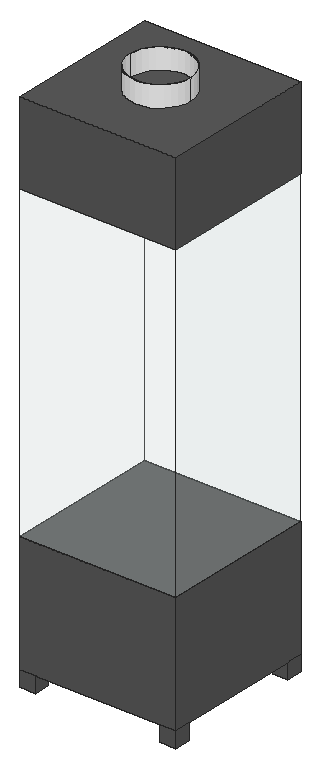
Revit family "T360", category Generic Models, host Face, Revit 2019
Family settings
  Host = Face
  Can host rebar = No
  Round Connector Dimension = Use Diameter
  Part Type = Normal
  Cut with Voids When Loaded = Yes
  Shared = Yes
  Room Calculation Point = No
Parameters (values of type "As Specified")
  URL = "https://www.montigo.com/"
  Manufacturer Website = "https://www.montigo.com/"
  Manufacturer Phone - Toll Free = "800-378-3115"
  Manufacturer Phone = ""
  Manufacturer Fax = ""
  Manufacturer Address = "27342 Gloucester Way  Langley, BC, Canada   V4W 4A1"
  Manufacturer = "Montigo"
  Length = 30"
  Width = 30"
  Height = 102"
  Glazing Tint = Glass - Montigo - Tint as Specified
  Frame Material = Metal - Montigo - Black
  Firebox Material = Metal - Montigo - White
  Fire Place - Opening = 60"
  Description = "Montigo Fireplace as Specified"
  Default Elevation = 48"
  Base Height = 26"
  Assembly Code = "D3020"
Reference planes (in)
  plane 1 "Center (Front/Back)": y = 0
  plane 2: z = 0
  plane 3 "Center (Left/Right)": x = 0
  plane 4: x = 15
  plane 5: y = 15
  plane 6: y = -15
  plane 7: z = 0
  plane 8: x = -15
  plane 9: z = 3
  plane 10: z = 26
  plane 11: z = 86
  plane 12: z = 102
Forms (in)
  Extrusion 1, solid, material "Metal - Montigo - Black" <- "Frame Material"
    sketch origin (-60.41868, -180, 0) x (-1, 0, 0) y (0, -1, 0)
      loop
        line (-45.41868, -195) -> (-45.41868, -165) -> (-75.41868, -165) -> (-75.41868, -195) -> (-45.41868, -195)
    from 3 to 26
  Extrusion 2, solid, material "Metal - Montigo - Black" <- "Frame Material"
    sketch origin (-60.41868, -180, 0) x (-1, 0, 0) y (0, -1, 0)
      loop
        line (-45.41868, -195) -> (-45.41868, -192) -> (-48.41868, -192) -> (-48.41868, -195) -> (-45.41868, -195)
      loop
        line (-72.41868, -195) -> (-72.41868, -192) -> (-75.41868, -192) -> (-75.41868, -195) -> (-72.41868, -195)
      loop
        line (-72.41868, -168) -> (-72.41868, -165) -> (-75.41868, -165) -> (-75.41868, -168) -> (-72.41868, -168)
      loop
        line (-45.41868, -168) -> (-45.41868, -165) -> (-48.41868, -165) -> (-48.41868, -168) -> (-45.41868, -168)
    from 0 to 3
  Extrusion 3, solid
    sketch origin (-60.41868, -180, 0) x (-1, 0, 0) y (0, -1, 0)
      loop
        line (-67.91868, -189) -> (-67.91868, -186) -> (-70.91868, -186) -> (-70.91868, -189) -> (-67.91868, -189)
      loop
        line (-67.91868, -174) -> (-67.91868, -171) -> (-70.91868, -171) -> (-70.91868, -174) -> (-67.91868, -174)
    from 2 to 3
  Extrusion 4, solid, material "Metal - Montigo - Black" <- "Frame Material"
    sketch origin (-60.41868, -180, 0) x (-1, 0, 0) y (0, -1, 0)
      loop
        line (-45.41868, -195) -> (-45.41868, -165) -> (-75.41868, -165) -> (-75.41868, -195) -> (-45.41868, -195)
    from 86 to 102
  Extrusion 5, solid, material "Glass - Montigo - Tint as Specified" <- "Glazing Tint"
    sketch origin (-60.41868, -180, 0) x (-1, 0, 0) y (0, -1, 0)
      loop
        line (-45.41868, -195) -> (-45.41868, -165) -> (-75.41868, -165) -> (-75.41868, -195) -> (-45.41868, -195)
    from 26 to 86
Dimensions and locks (in)
  equal spacing: plane 6, plane 1 "Center (Front/Back)", plane 5
  "Width": plane 6 to plane 5
  "Length": plane 8 to plane 4
  equal spacing: plane 8, plane 3 "Center (Left/Right)", plane 4
  locked: plane 8 to Extrusion 2 sketch curve at 3  (x2)
  locked: Extrusion 2 sketch curve to plane 5 at 3  (x2)
  locked: Extrusion 2 sketch curve to plane 4 at 3  (x2)
  locked: plane 6 to Extrusion 2 sketch curve at 3  (x2)
  Extrusion 3 sketch curve to Extrusion 3 sketch curve to plane 4 = 3" locked, 4 1/2" locked  (x2)
  plane 6 to Extrusion 3 sketch curve to Extrusion 3 sketch curve = 6", 3" locked
  Extrusion 3 sketch curve to Extrusion 3 sketch curve to plane 5 = 3" locked, 6"
  locked: plane 9 to plane 7 at 3
  locked: Extrusion 3 to level at 2
  "Base Height": plane 10 to plane 7
  "Height": plane 12 to plane 7
  "Fire Place - Opening": plane 11 to plane 10
  aligned and locked: plane 2 to host face
  aligned and locked: level to host face
  aligned and locked: plane 7 to level
  aligned and locked: Extrusion 1 sketch curve to plane 6
  aligned and locked: Extrusion 1 sketch curve to plane 4
  aligned and locked: plane 5 to Extrusion 1 sketch curve
  aligned and locked: Extrusion 1 sketch curve to plane 8
  aligned and locked: Extrusion 2 sketch curve to plane 8  (x2)
  aligned and locked: Extrusion 2 sketch curve to plane 6  (x2)
  aligned and locked: plane 5 to Extrusion 2 sketch curve  (x2)
  aligned and locked: Extrusion 2 sketch curve to plane 4
  aligned and locked: Extrusion 1 to plane 9
  aligned and locked: plane 10 to Extrusion 1
  aligned and locked: Extrusion 2 to Extrusion 1
  aligned and locked: Extrusion 3 to Extrusion 1
  aligned and locked: plane 12 to Extrusion 4
  aligned and locked: Extrusion 4 to plane 11
  aligned and locked: Extrusion 5 to plane 10
  aligned and locked: plane 11 to Extrusion 5
  aligned and locked: nested 1 to plane 1 "Center (Front/Back)"
  aligned and locked: nested 1 to plane 3 "Center (Left/Right)"
  aligned and locked: plane 5 to Extrusion 5 sketch curve
  aligned and locked: Extrusion 5 sketch curve to plane 8
  aligned and locked: Extrusion 5 sketch curve to plane 6
Automatic sketch dimensions
  host sketch curve to host sketch curve = 96"  (x2)
  Extrusion 2 sketch curve to plane 4 = 0"
  Extrusion 4 sketch curve to plane 4 = 0"
  plane 6 to Extrusion 4 sketch curve = 0"
  Extrusion 4 sketch curve to plane 8 = 0"
  plane 5 to Extrusion 4 sketch curve = 0"
  Extrusion 5 sketch curve to plane 4 = 0"
Nested families (in)
  nested 1: "Duct Dia" at (0, 0, 102) x (-1, 0, 0) z (0, 0, 1), type "11 3/4" Dia"
Connectors (in)
  hvac at (0, 0, 106)
    settings: on nested 1, index 1, duct flow 0 CFM, flow factor 0, pres drop 0.00 in-wg, loss coef 0, conn angle 0.00°, conn width 12", conn height 12", conn diameter 11 3/4", duct sys type 3, conn prof type 0, flow config 0, flow direction 0, loss method 0, conn ref index -1, conn util no, is conn primary yes, conn desc ""
Definition of nested family "Duct Dia"
  Parameters (values of type "15 7/8" Dia.")
    Intake Duct Dia = 15 7/8"
    Intake Diameter = Intake Duct Dia - 1/8"  # 15 3/4"
    Height = 4"
    Firebox Material = none
    Default Elevation = 48"
  Types (12): name | Intake Duct Dia | Intake Diameter | Height
    9 7/8" Dia. | 9 7/8" | 9 3/4" | 4"
    7 7/8" Dia | 7 7/8" | 7 3/4" | 4"
    8 1/8" Dia | 8 1/8" | 8" | 1/4"
    11 3/4" Dia | 11 3/4" | 11 5/8" | 4"
    4" Dia | 10" | 9 7/8" | 4"
    7 3/4" Dia | 7 3/4" | 7 5/8" | 4"
    6 7/8" Dia | 6 7/8" | 6 3/4" | 1/4"
    9 3/4" Dia. | 9 3/4" | 9 5/8" | 4"
    7 1/8" Dia | 7 1/8" | 7" | 1/4"
    11 7/8" Dia. | 11 7/8" | 11 3/4" | 4"
    13 7/8" Dia. | 13 7/8" | 13 3/4" | 4"
    15 7/8" Dia. | 15 7/8" | 15 3/4" | 4"
  Reference planes (in)
    plane 1 "Center (Front/Back)": y = 0
    plane 2: z = 0
    plane 3 "Center (Left/Right)": x = 0
    plane 4: z = 4
  Forms (in)
    Extrusion 1, solid
      sketch origin (0, 0, 0) x (1, 0, 0) y (0, 1, 0)
        loop
          line (-48, 48) -> (-48, -48) -> (48, -48) -> (48, 48) -> (-48, 48)
      from 0 to -12
    Extrusion 2, solid, material <- "Firebox Material"
      sketch origin (0, 0, 0) x (1, 0, 0) y (0, 1, 0)
        loop
          circle (0, 0) r 7.9375
        loop
          circle (0, 0) r 7.875
      from 0 to 4
  Dimensions and locks (in)
    "Height": plane 4 to level
    "Intake Duct Dia": diameter of Extrusion 2 sketch curve
    "Intake Diameter": diameter of Extrusion 2 sketch curve
    aligned and locked: plane 2 to Extrusion 1
    aligned and locked: level to Extrusion 1
    aligned and locked: plane 4 to Extrusion 2
  Automatic sketch dimensions
    Extrusion 1 sketch curve to Extrusion 1 sketch curve = 96"  (x2)
    Extrusion 2 sketch curve to Extrusion 2 sketch curve = 0"  (x2)
    plane 1 "Center (Front/Back)" to Extrusion 2 sketch curve = 0"
    Extrusion 2 sketch curve to plane 3 "Center (Left/Right)" = 0"
